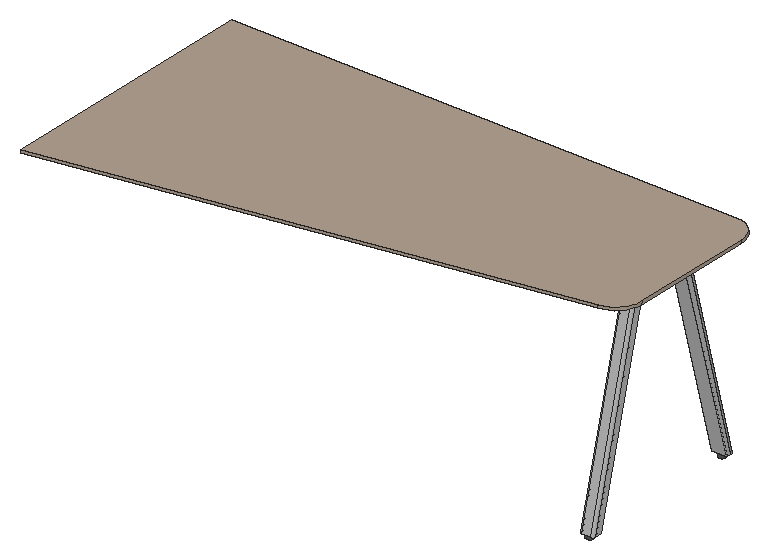
Revit family "Haworth_ActiveComponents_WedgeConvergentConferenceEnd_BUILD", category Furniture Systems, Revit 2015
Parameters (values of type "36d 72w")
  Worksurface Finish [instance] = Haworth _ Wood _ Light Maple VP-LM
  With Leg = yes
  Width = 72"
  Warranty = "https://www.haworth.com/resources/product-info/warranties"
  URL - Product = "https://www.haworth.com/products/workspaces/accessories/active-components"
  URL = "www.haworth.com"
  Thickness = 1 3/16"  # constant formula
  Surface Angle = 10.00°  # constant formula
  Radius = 3 1/2"  # constant formula
  Narrow Depth = 24"  # constant formula
  Min. Width = 60"  # constant formula
  Min. Depth = 34"  # constant formula
  Max. Width = 72"  # constant formula
  Size = "Verify Final Dim. w/ Haworth"  # constant formula
  Revision Number = "1"  # constant formula
  Model = "WAYH"  # constant formula
  Max. Depth = 36"  # constant formula
  Manufacturer = "Haworth"  # constant formula
  Leg L/R Offset = 3 13/16"  # constant formula
  Leg Finish [instance] = Haworth _ Paint _ Metallic Champagne
  Front Leg Offset = Actual Depth - 15 7/8"  # 20 1/8"
  Back Leg Offset = 8"  # constant formula
  Inside Radius = 1 1/2"  # constant formula
  Description = "Haworth - Active Components - Wedge Convergent Conference End"  # constant formula
  Depth = 36"
  Author = "Haworth (Alias)"  # constant formula
  Assembly Code = "E2020200"
  Actual Width = if(Width < Min. Width, Min. Width, if(Width > Max. Width, Max. Width, Width))  # 72"
  Actual Height = 29 3/16"  # constant formula
  Actual Depth = if(Depth < Min. Depth, Min. Depth, if(Depth > Max. Depth, Max. Depth, Depth))  # 36"
Types (2): name | Width | Front Leg Offset | Depth | Actual Width | Actual Depth
  36d 72w | 72" | 20 1/8" | 36" | 72" | 36"
  34d 60w | 60" | 18 1/8" | 34" | 60" | 34"
Reference planes (in)
  plane 1: z = 0
  plane 2 "Center L/R": x = 17.5
  plane 3 "Left Edge": x = -18.5
  plane 4 "Support Top": z = 29.1875
  plane 5 "Center F/B": y = -6.36431
  plane 6 "Front": y = -24.36431
  plane 7 "Knife Edge": y = -22.36431
  plane 8 "Knife Edge Seam": z = 28.8125
  plane 9 "Back": y = 11.63569
  plane 10 "Right Edge": x = 53.5
  plane 11 "Knife Edge 2": x = 51.5
  plane 12 "Knife Edge Back": y = 9.63569
  plane 13: z = 28
  plane 14: y = 3.63569
  plane 15: x = 49.6875
  plane 16: y = -4.23931
Forms (in)
  Extrusion 1, solid, material "Haworth _ Wood _ Light Maple VP-LM" <- "Worksurface Finish"
    sketch origin (0, 0, 0) x (1, 0, 0) y (0, 1, 0)
      loop
        line (-18.5, -24.36431) -> (50.29527, -12.23385)
        arc (50.29527, -12.23385) -> (52.57715, -11.11451) -> (53.5, -8.74633) r 3.5
        line (53.5, -8.74633) -> (53.5, 8.13569)
        arc (53.5, 8.13569) -> (52.47487, 10.61056) -> (50, 11.63569) r 3.5
        line (50, 11.63569) -> (-18.5, 11.63569) -> (-18.5, -24.36431)
    from 28 to 29.1875
  Sweep 2, void
    path in 3D
      loop
        line (-18.5, -24.36431, 29.1875) -> (50.29527, -12.23385, 29.1875)
        arc (50.29527, -12.23385, 29.1875) -> (52.57715, -11.11451, 29.1875) -> (53.5, -8.74633, 29.1875) r 3.5
        line (53.5, -8.74633, 29.1875) -> (53.5, 8.13569, 29.1875)
        arc (53.5, 8.13569, 29.1875) -> (52.47487, 10.61056, 29.1875) -> (50, 11.63569, 29.1875) r 3.5
        line (50, 11.63569, 29.1875) -> (-18.5, 11.63569, 29.1875)
    profile origin (15.75, 11.63569, 29.1875) x (0, -1, 0) y (0, 0, 1)
      loop
        line (0, -0.375) -> (0, -1.1875) -> (2, -1.1875) -> (0, -0.375)
Cuts and joins
  Sweep 2 cuts Extrusion 1
Lines and regions (in)
  Masking region 1
    outline origin (0, 0, 0) x (1, 0, 0) y (0, 1, 0)
      loop
        line (50, 11.63569) -> (-18.5, 11.63569) -> (-18.5, -24.36431) -> (50.27887, -12.23674)
        arc (50.27887, -12.23674) -> (52.57158, -11.1221) -> (53.5, -8.74787) r 3.5
        line (53.5, -8.74787) -> (53.5, 8.13569)
        arc (53.5, 8.13569) -> (52.47487, 10.61056) -> (50, 11.63569) r 3.5
  sketch lines
    curve 1: line (50, 11.63569, 29.1875) -> (-18.5, 11.63569, 29.1875)
    curve 2: arc (50, 11.63569, 29.1875) -> (52.47487, 10.61056, 29.1875) -> (53.5, 8.13569, 29.1875) r 3.5
    curve 3: line (53.5, -8.74633, 29.1875) -> (53.5, 8.13569, 29.1875)
    curve 4: arc (53.5, -8.74633, 29.1875) -> (52.57715, -11.11451, 29.1875) -> (50.29527, -12.23385, 29.1875) r 3.5
    curve 5: line (-18.5, -24.36431, 29.1875) -> (50.29527, -12.23385, 29.1875)
Dimensions and locks (in)
  locked: plane 4 "Support Top" to plane 8 "Knife Edge Seam" at 0.375
  "Actual Depth": plane 9 "Back" to plane 6 "Front"
  "Actual Width": plane 3 "Left Edge" to plane 10 "Right Edge"
  locked: plane 11 "Knife Edge 2" to plane 10 "Right Edge" at 2
  locked: plane 6 "Front" to plane 7 "Knife Edge" at 2
  equal spacing: plane 3 "Left Edge", plane 2 "Center L/R", plane 10 "Right Edge"
  locked: plane 9 "Back" to plane 12 "Knife Edge Back" at 2
  "Actual Height": plane 4 "Support Top" to plane 1
  "Thickness": plane 13 to plane 4 "Support Top"
  equal spacing: plane 6 "Front", plane 5 "Center F/B", plane 9 "Back"
  "Back Leg Offset": plane 14 to plane 9 "Back"
  "Leg L/R Offset": plane 15 to plane 10 "Right Edge"
  "Front Leg Offset": plane 6 "Front" to plane 16
  "Radius": radius of Extrusion 1 sketch curve  (x2)
  "Radius": radius of Masking region 1 sketch curve  (x2)
  "Surface Angle": angle plane 6 "Front" to Masking region 1 sketch curve
  "Surface Angle": angle plane 6 "Front" to Extrusion 1 sketch curve
  aligned and locked: Extrusion 1 sketch curve to plane 10 "Right Edge"
  aligned and locked: Extrusion 1 sketch curve to plane 9 "Back"
  aligned and locked: plane 3 "Left Edge" to Masking region 1 sketch curve
  aligned and locked: plane 9 "Back" to Masking region 1 sketch curve
  aligned and locked: plane 10 "Right Edge" to Masking region 1 sketch curve
  aligned and locked: plane 3 "Left Edge" to Extrusion 1 sketch curve
  aligned and locked: plane 6 "Front" to Extrusion 1 sketch curve
  aligned and locked: plane 6 "Front" to Masking region 1 sketch curve
  aligned and locked: plane 4 "Support Top" to Extrusion 1
  aligned and locked: plane 13 to Extrusion 1
  aligned and locked: plane 9 "Back" to Sweep 2 sketch curve
  aligned and locked: plane 13 to Sweep 2 sketch curve
  aligned and locked: plane 8 "Knife Edge Seam" to Sweep 2 sketch curve
  aligned and locked: plane 12 "Knife Edge Back" to Sweep 2 sketch curve
  aligned and locked: plane 1 to nested 1
  aligned and locked: nested 2 to plane 1
  aligned and locked: plane 14 to nested 2
  aligned and locked: nested 1 to plane 15
  aligned and locked: plane 15 to nested 2
  aligned and locked: plane 16 to nested 1
Automatic sketch dimensions
  Masking region 1 sketch curve to plane 15 = 0.59137"
  Extrusion 1 sketch curve to plane 15 = 0.60777"
Nested families (in)
  nested 1: "Haworth_ActiveComponents_AngledLeg_BUILD" at (48.6875, -12.17512, 0), visible <- "With Leg", type "Angled Leg"
  nested 2: "Haworth_ActiveComponents_AngledLeg_BUILD" at (48.6875, 11.5715, 0), visible <- "With Leg", type "Angled Leg"
Definition of nested family "Haworth_ActiveComponents_AngledLeg_BUILD"
  Parameters (values of type "Angled Leg")
    Warranty = "https://www.haworth.com/resources/product-info/warranties"
    URL - Product = "https://www.haworth.com/products/workspaces/accessories/active-components"
    URL = "www.haworth.com"
    Trim Finish = none
    Revision = "1"  # constant formula
    Note = "Verify Final Dim. w/ Haworth"  # constant formula
    Model = "Haworth Active Components"  # constant formula
    Manufacturer = "Haworth"  # constant formula
    Leg Height = 28"  # constant formula
    Glide Finish = none
    Description = "Haworth Active Components - Angled Leg"  # constant formula
    Author = "Haworth (Alias)"  # constant formula
    Assembly Code = ""
  Reference planes (in)
    plane 1 "Front": y = 0
    plane 2 "Bottom": z = 0
    plane 3 "Center (Left/Right)": x = 0
    plane 4 "Glide End": z = 0.5
    plane 5 "Right": x = 1
    plane 6 "Left": x = -1
    plane 7: z = 28
    plane 8 "Back": y = 11.0625
    plane 9: z = 28
    plane 10: z = 27.764
    plane 11 "Top Middle": y = 7.93581
  Forms (in)
    Extrusion 1, solid, material <- "Glide Finish"
      sketch origin (0, 0, 0) x (1, 0, 0) y (0, 1, 0)
        loop
          circle (0, 0.625) r 0.5
      from 0 to 0.5
    Blend 2, solid, material <- "Trim Finish"
      base sketch origin (0, 0, 0) x (1, 0, 0) y (0, 1, 0)
        loop
          line (-0.625, 0) -> (0.625, 0)
          arc (0.625, 0) -> (0.89017, 0.10983) -> (1, 0.375) r 0.375
          line (1, 0.375) -> (1, 1.1875) -> (-1, 1.1875) -> (-1, 0.375)
          arc (-1, 0.375) -> (-0.89017, 0.10983) -> (-0.625, 0) r 0.375
      top sketch origin (0, 0, 0) x (1, 0, 0) y (0, 1, 0)
        loop
          line (-1, 8.52956) -> (-1, 7.71706)
          arc (-1, 7.71706) -> (-0.89017, 7.45189) -> (-0.625, 7.34206) r 0.375
          line (-0.625, 7.34206) -> (0.625, 7.34206)
          arc (0.625, 7.34206) -> (0.89017, 7.45189) -> (1, 7.71706) r 0.375
          line (1, 7.71706) -> (1, 8.52956) -> (-1, 8.52956)
      from 0.5 to 27.764
    Extrusion 3, solid, material <- "Trim Finish"
      sketch origin (0, 0, 0) x (1, 0, 0) y (0, 1, 0)
        loop
          arc (-3.39, 11.0625) -> (-3.65517, 10.95267) -> (-3.765, 10.6875) r 0.375
          line (-3.765, 10.6875) -> (-3.765, 7.43264)
          arc (-3.765, 7.43264) -> (-3.65517, 7.16748) -> (-3.39, 7.05764) r 0.375
          line (-3.39, 7.05764) -> (0.86, 7.05764)
          arc (0.86, 7.05764) -> (1.12517, 7.16748) -> (1.235, 7.43264) r 0.375
          line (1.235, 7.43264) -> (1.235, 10.6875)
          arc (1.235, 10.6875) -> (1.12517, 10.95267) -> (0.86, 11.0625) r 0.375
          line (0.86, 11.0625) -> (-3.39, 11.0625)
      from 27.764 to 28
  Lines and regions (in)
    Masking region 1, detail levels medium+fine
      outline origin (0, 0, 0) x (1, 0, 0) y (0, 1, 0)
        loop
          arc (-0.985, 0.40547) -> (-0.87035, 0.1231) -> (-0.5913, 0.00058) r 0.40505
          line (-0.5913, 0.00058) -> (0.57004, 0.00058)
          arc (0.57004, 0.00058) -> (0.86642, 0.1119) -> (0.985, 0.40544) r 0.39368
          line (0.985, 0.40544) -> (0.985, 8.52956) -> (-0.985, 8.52956) -> (-0.985, 0.40547)
    symbolic lines, detail levels medium+fine
      curve 1: line (-3.39, 7.05764, 0) -> (0.86, 7.05764, 0)
      curve 2: arc (0.86, 7.05764, 0) -> (1.12517, 7.16748, 0) -> (1.235, 7.43264, 0) r 0.375
      curve 3: line (1.235, 7.43264, 0) -> (1.235, 10.6875, 0)
      curve 4: arc (1.235, 10.6875, 0) -> (1.12517, 10.95267, 0) -> (0.86, 11.0625, 0) r 0.375
      curve 5: line (0.86, 11.0625, 0) -> (-3.39, 11.0625, 0)
      curve 6: arc (-3.39, 11.0625, 0) -> (-3.65517, 10.95267, 0) -> (-3.765, 10.6875, 0) r 0.375
      curve 7: line (-3.765, 10.6875, 0) -> (-3.765, 7.43264, 0)
      curve 8: arc (-3.765, 7.43264, 0) -> (-3.65517, 7.16748, 0) -> (-3.39, 7.05764, 0) r 0.375
  Dimensions and locks (in)
    level to plane 4 "Glide End" = 1/2"
    locked: plane 4 "Glide End" to plane 2 "Bottom" at 0.5
    "Leg Height": plane 7 to plane 2 "Bottom"
    equal spacing: plane 6 "Left", plane 3 "Center (Left/Right)", plane 5 "Right"
    locked: plane 6 "Left" to plane 5 "Right" at 2
    locked: plane 1 "Front" to plane 8 "Back" at 11.0625
    locked: plane 1 "Front" to Extrusion 1 sketch curve at 0.625
    locked: Blend 2 sketch curve to plane 1 "Front" at 1.1875
    locked: Blend 2 sketch curve to plane 8 "Back" at 2.53294
    locked: Blend 2 sketch curve to Blend 2 sketch curve at 1.1875
    locked: plane 9 to plane 10 at 0.236
    locked: Extrusion 3 sketch curve to Extrusion 3 sketch curve at 4.00486
    locked: plane 5 "Right" to Extrusion 3 sketch curve at 0.235
    locked: Extrusion 3 sketch curve to plane 6 "Left" at 2.765
    aligned and locked: Extrusion 1 to plane 2 "Bottom"
    aligned and locked: Extrusion 1 to plane 4 "Glide End"
    aligned and locked: plane 5 "Right" to Blend 2 sketch curve
    aligned and locked: plane 6 "Left" to Blend 2 sketch curve
    aligned and locked: Blend 2 sketch curve to plane 6 "Left"
    aligned and locked: Blend 2 sketch curve to plane 5 "Right"
    aligned and locked: plane 4 "Glide End" to Blend 2
    aligned and locked: plane 3 "Center (Left/Right)" to Extrusion 1 sketch curve
    aligned and locked: plane 1 "Front" to Blend 2 sketch curve
    aligned and locked: plane 10 to Blend 2
    aligned and locked: Extrusion 3 sketch curve to plane 8 "Back"
    aligned and locked: plane 9 to Extrusion 3
    aligned and locked: Extrusion 3 to plane 10
  Automatic sketch dimensions
    Blend 2 sketch curve to plane 6 "Left" = 3/8"  (x2)
    Blend 2 sketch curve to plane 5 "Right" = 3/8"  (x2)
    Extrusion 3 sketch curve to Extrusion 3 sketch curve = 3/8"
    Extrusion 3 sketch curve to plane 8 "Back" = 3/8"
    Extrusion 3 sketch curve to plane 5 "Right" = 0.14"  (x2)
    Masking region 1 sketch curve to plane 6 "Left" = 0.015"
    Masking region 1 sketch curve to plane 1 "Front" = 0.00058"
    Masking region 1 sketch curve to plane 6 "Left" = 0.4087"
    Masking region 1 sketch curve to Masking region 1 sketch curve = 0.40505"
    Masking region 1 sketch curve to plane 5 "Right" = 0.42996"
    Masking region 1 sketch curve to Masking region 1 sketch curve = 0.02145"
    Masking region 1 sketch curve to plane 5 "Right" = 0.015"
    Masking region 1 sketch curve to plane 1 "Front" = 0.39368"
    Masking region 1 sketch curve to plane 11 "Top Middle" = 19/32"
    curve 6 to plane 8 "Back" = 0"
    curve 7 to plane 8 "Back" = 3/8"
    plane 6 "Left" to curve 7 = 2.765"
    curve 7 to curve 8 = 3/8"
    curve 1 to plane 5 "Right" = 0.14"
    curve 4 to plane 5 "Right" = 0.14"
    plane 5 "Right" to curve 3 = 0.235"
    plane 11 "Top Middle" to curve 2 = 0.50317"
    radius of Extrusion 1 sketch curve = 1/2"
